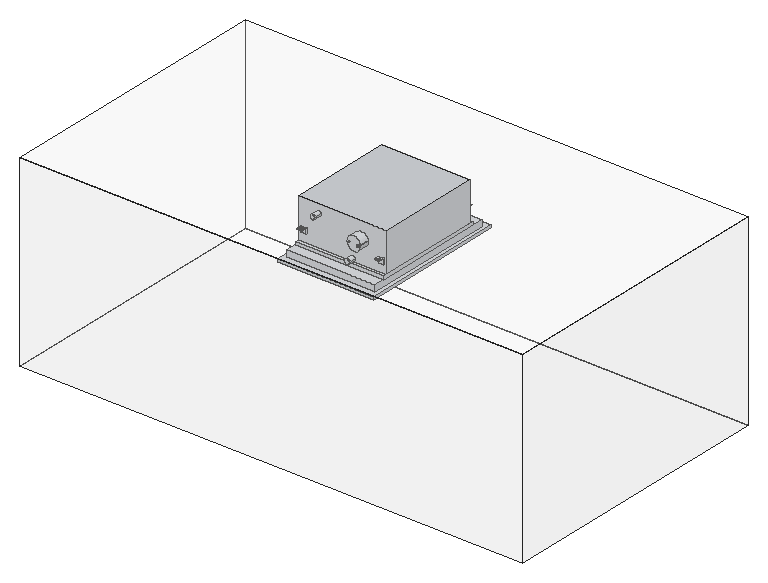
Revit family "plfy-p22_140lmg9_60Hz", category 機械設備, Revit 2019
Family settings
  丸型コネクタ寸法 = 直径を使用
  パーツ タイプ = 標準
  OmniClass 番号 = 23.75.10.24.21.27.27
  OmniClass タイトル = Split System Air Conditioning Units
  作業面ベース = いいえ
  常に垂直 = はい
  ロード時にボイドで切り取り = いいえ
  共有 = いいえ
  部屋計算ポイント = はい
Parameters (values of type "PLFY-P22LMG9")
  風量（弱）（m3／min） = 6.5
  風量（中2）（m3／min） = 7.5
  風量（中1）（m3／min） = 8.5
  風量（m3／min） = 9.5
  風量 = MAX風量  # 570.0 m³/h
  音響パワーレベル（弱）(dB) = 49
  音響パワーレベル（中2）(dB) = 51
  音響パワーレベル（中1）(dB) = 52
  音響パワーレベル(dB) = 53
  電源種別 = ""
  電源_H = 0 mm
  電圧_電気ヒーター = 0 V
  電圧 = 200 V
  電動機出力_送風機 = 0.05 kW
  運転質量 = 0.00 kg
  連動 = ""
  質量 = if(製品質量 > 運転質量, 製品質量, 運転質量) * 1.2  # 24.00 kg
  負荷分類 = 3_ファン類
  説明 = "ビル用マルチエアコン 天井カセット形(2方向吹出)室内機"
  設計暖房能力 = 0.00 kW
  設計冷房能力_顕熱 = 0 kW
  設計冷房能力 = 0 kW
  設置方法 = "カセット形"
  記号 = ""
  製造元 = "三菱電機株式会社"
  製品質量 = 20.00 kg
  製品出荷対象 = "国内"
  製品リリース年月 = "2022年9月15日"
  製品グループ = ""
  系統 = ""
  符号 = "ACP_CK2"
  積算_科目 = "1 空気調和設備"
  積算_拾い区分 [instance] = ""
  相_電気ヒーター = 1
  相 = 1
  盤記号 = ""
  発停方法 = "付属スイッチ"
  特殊仕様 = ""
  火災停止 = ""
  消費電力_電気ヒーター = 0.00 kW
  消費電力_暖房 = 0.03 kW
  消費電力_加湿器 = 0.00 kW
  消費電力_冷房 = 0.03 kW
  消費電力 = if(消費電力_冷房 > 消費電力_暖房, 消費電力_冷房, 消費電力_暖房) + 消費電力_加湿器 + 消費電力_電気ヒーター  # 0.03 kW
  法定耐用年数 = "15"
  機外静圧 = 0.0 Pa
  極数 = 3
  材質 = ""
  本体マテリアル = none
  有効加湿量 = 0
  暖房能力 = 2.50 kW
  推奨ブレーカー容量 = 15 A
  形式_加湿器 = ""
  形式 = "カセット形（2方向吹出形）"
  幹線記号 = ""
  始動方式 = ""
  呼称 = "室内機_カセット形(2方向吹出形)"
  周波数 = 60 Hz
  吊り位置Y = 824 mm
  吊り位置X = 574 mm
  吊りボルト_H = 167 mm
  台数_手元リモコン = ""
  台数_冷媒分岐ユニット = ""
  参照している仕様書等のバージョン = "公共建築工事標準仕様書（機械設備工事編）平成31年度版"
  加湿給水管径 = 0 mm
  分類コード = "50053003221020"
  分類グループ = ""
  冷房能力 = 2.2 kW
  冷媒高低圧ガス管径 = 0 mm
  冷媒管径符号 = "Ac"
  冷媒管径 = 100 mm
  冷媒液管高さ = 235 mm
  冷媒液管長さ = 67 mm
  冷媒液管径 = 6.35 mm
  冷媒ガス管高さ = 235 mm
  冷媒ガス管長さ = 78 mm
  冷媒ガス管径 = 12.7 mm
  企業コード = "108420"
  付属品_フィルター = ""
  付属品 = ""
  仕様書バージョン = "Version1.0"
  モデル = "PLFY-P22LMG9"
  パネルマテリアル = none
  ドレン管高さ = 297 mm
  ドレン管径 = 32 mm
  サービススペース = yes
  コメント [instance] = ""
  ケーブル種類 = ""
  ケーブルサイズ = 1.6 mm
  Width = 650 mm
  Version = ""
  Uniclass2015Version = "Systems v1.9"
  Uniclass2015Title = "Split coil remote air cooled condensing units"
  Uniclass2015Code = "Pr_70_65_03_84"
  URL = "https://www.mitsubishielectric.co.jp/ldg/wink/ssl/displayProduct.do?pid=317077"
  SpecificationReference = ""
  SpecificationDescription = ""
  S_H = 364 mm
  Revision = ""
  ProductInformation = ""
  OmniClassCode = "23-751024212727"
  MIN風量 = 風量（弱）（m3／min） * 60.0 m³/h  # 390.0 m³/h
  MID風量2 = 風量（中2）（m3／min） * 60.0 m³/h  # 450.0 m³/h
  MID風量 = 風量（中1）（m3／min） * 60.0 m³/h  # 510.0 m³/h
  MAX風量 = 風量（m3／min） * 60.0 m³/h  # 570.0 m³/h
  IfcTypeProduct = ""
  IfcProduct = ""
  IfcExportType = "AIRCONDITIONINGUNIT"
  IfcExportAs = "IfcUnitaryEquipmentType"
  Height = 290 mm
  Depth = 770 mm
  Clearance Top = 357 mm
  Clearance Right = 1500 mm
  Clearance Left = 1500 mm
  Clearance Front = 500 mm
  Clearance Bottom = 1000 mm
  Clearance Back = 500 mm
  Author = "三菱電機株式会社"
Types (10, lengths in mm): name | 風量（弱）（m3／min） | 風量（中2）（m3／min） | 風量（中1）（m3／min） | 風量（m3／min） | 風量 | 音響パワーレベル（弱）(dB) | 音響パワーレベル（中2）(dB) | 音響パワーレベル（中1）(dB) | 音響パワーレベル(dB) | 電動機出力_送風機 | 質量 | 製品質量 | 消費電力_暖房 | 消費電力_冷房 | 消費電力 | 暖房能力 | 吊り位置Y | 冷房能力 | 冷媒管径符号 | 冷媒液管長さ | 冷媒液管径 | 冷媒ガス管長さ | 冷媒ガス管径 | モデル | URL | S_H | MIN風量 | MID風量2 | MID風量 | MAX風量 | Height | Depth | Clearance Top
  PLFY-P22LMG9 | 6.5 | 7.5 | 8.5 | 9.5 | 570.0 m³/h | 49 | 51 | 52 | 53 | 0.05 kW | 24.00 kg | 20.00 kg | 0.03 kW | 0.03 kW | 0.03 kW | 2.50 kW | 824 | 2.2 kW | "Ac" | 67 | 6.35 | 78 | 12.7 | "PLFY-P22LMG9" | "https://www.mitsubishielectric.co.jp/ldg/wink/ssl/displayProduct.do?pid=317077" | 364 | 390.0 m³/h | 450.0 m³/h | 510.0 m³/h | 570.0 m³/h | 290 | 770 | 357
  PLFY-P28LMG9 | 6.5 | 7.5 | 8.5 | 9.5 | 570.0 m³/h | 49 | 51 | 52 | 53 | 0.05 kW | 24.00 kg | 20.00 kg | 0.03 kW | 0.03 kW | 0.03 kW | 3.20 kW | 824 | 2.8 kW | "Ac" | 67 | 6.4 | 78 | 12.7 | "PLFY-P28LMG9" | "https://www.mitsubishielectric.co.jp/ldg/wink/ssl/displayProduct.do?pid=317078" | 364 | 390.0 m³/h | 450.0 m³/h | 510.0 m³/h | 570.0 m³/h | 290 | 770 | 357
  PLFY-P36LMG9 | 6.5 | 8 | 9 | 10 | 600.0 m³/h | 50 | 51 | 52 | 53 | 0.05 kW | 25.20 kg | 21.00 kg | 0.03 kW | 0.03 kW | 0.03 kW | 4.00 kW | 824 | 3.6 kW | "Ac" | 67 | 6.4 | 78 | 12.7 | "PLFY-P36LMG9" | "https://www.mitsubishielectric.co.jp/ldg/wink/ssl/displayProduct.do?pid=317079" | 364 | 390.0 m³/h | 480.0 m³/h | 540.0 m³/h | 600.0 m³/h | 290 | 770 | 357
  PLFY-P45LMG9 | 7 | 8.5 | 9.5 | 10.5 | 630.0 m³/h | 51 | 54 | 55 | 56 | 0.05 kW | 25.20 kg | 21.00 kg | 0.04 kW | 0.04 kW | 0.04 kW | 5.00 kW | 824 | 4.5 kW | "Ac" | 67 | 6.4 | 78 | 12.7 | "PLFY-P45LMG9" | "https://www.mitsubishielectric.co.jp/ldg/wink/ssl/displayProduct.do?pid=317080" | 364 | 420.0 m³/h | 510.0 m³/h | 570.0 m³/h | 630.0 m³/h | 290 | 770 | 357
  PLFY-P56LMG9 | 9 | 11 | 12 | 13 | 780.0 m³/h | 53 | 55 | 56 | 57 | 0.05 kW | 28.80 kg | 24.00 kg | 0.05 kW | 0.05 kW | 0.05 kW | 6.30 kW | 994 | 5.6 kW | "Ac" | 67 | 6.4 | 78 | 12.7 | "PLFY-P56LMG9" | "https://www.mitsubishielectric.co.jp/ldg/wink/ssl/displayProduct.do?pid=317081" | 364 | 540.0 m³/h | 660.0 m³/h | 720.0 m³/h | 780.0 m³/h | 290 | 940 | 357
  PLFY-P71LMG9 | 10.5 | 12.5 | 15 | 16.5 | 990.0 m³/h | 55 | 58 | 59 | 60 | 0.05 kW | 31.20 kg | 26.00 kg | 0.07 kW | 0.07 kW | 0.07 kW | 8.00 kW | 994 | 7.1 kW | "Bd" | 67 | 9.5 | 78 | 15.9 | "PLFY-P71LMG9" | "https://www.mitsubishielectric.co.jp/ldg/wink/ssl/displayProduct.do?pid=317082" | 364 | 630.0 m³/h | 750.0 m³/h | 900.0 m³/h | 990.0 m³/h | 290 | 940 | 357
  PLFY-P80LMG9 | 13.5 | 15 | 16.5 | 19 | 1140.0 m³/h | 56 | 58 | 59 | 60 | 0.10 kW | 49.20 kg | 41.00 kg | 0.06 kW | 0.06 kW | 0.06 kW | 9.00 kW | 1494 | 8 kW | "Bd" | 71 | 9.5 | 83 | 15.9 | "PLFY-P80LMG9" | "https://www.mitsubishielectric.co.jp/ldg/wink/ssl/displayProduct.do?pid=317083" | 405 | 810.0 m³/h | 900.0 m³/h | 990.0 m³/h | 1140.0 m³/h | 331 | 1440 | 398
  PLFY-P90LMG9 | 15.5 | 18 | 20 | 22.5 | 1350.0 m³/h | 57 | 59 | 60 | 61 | 0.10 kW | 49.20 kg | 41.00 kg | 0.08 kW | 0.08 kW | 0.08 kW | 10.00 kW | 1494 | 9 kW | "Bd" | 71 | 9.5 | 83 | 15.9 | "PLFY-P90LMG9" | "https://www.mitsubishielectric.co.jp/ldg/wink/ssl/displayProduct.do?pid=317084" | 405 | 930.0 m³/h | 1080.0 m³/h | 1200.0 m³/h | 1350.0 m³/h | 331 | 1440 | 398
  PLFY-P112LMG9 | 18 | 20 | 23.5 | 26 | 1560.0 m³/h | 59 | 61 | 62 | 63 | 0.10 kW | 54.00 kg | 45.00 kg | 0.10 kW | 0.10 kW | 0.10 kW | 12.50 kW | 1494 | 11.2 kW | "Bd" | 71 | 9.5 | 83 | 15.9 | "PLFY-P112LMG9" | "https://www.mitsubishielectric.co.jp/ldg/wink/ssl/displayProduct.do?pid=317085" | 405 | 1080.0 m³/h | 1200.0 m³/h | 1410.0 m³/h | 1560.0 m³/h | 331 | 1440 | 398
  PLFY-P140LMG9 | 23 | 26.5 | 28.5 | 31.5 | 1890.0 m³/h | 63 | 64 | 67 | 69 | 0.24 kW | 56.40 kg | 47.00 kg | 0.20 kW | 0.20 kW | 0.20 kW | 16.00 kW | 1494 | 14 kW | "Bd" | 71 | 9.5 | 83 | 15.9 | "PLFY-P140LMG9" | "https://www.mitsubishielectric.co.jp/ldg/wink/ssl/displayProduct.do?pid=317090" | 405 | 1380.0 m³/h | 1590.0 m³/h | 1710.0 m³/h | 1890.0 m³/h | 331 | 1440 | 398
Reference planes
  plane 1 "中心(正面/背面)": y = 0
  plane 2: z = 0
  plane 3 "中心(左/右)": x = 0
  plane 4: x = -355
  plane 5: x = 355
  plane 6: y = 540
  plane 7: y = -540
  plane 8: z = 357
  plane 9: z = 364
  plane 10: x = -287
  plane 11: x = 287
  plane 12: y = 412
  plane 13: y = -412
  plane 14: z = 67
  plane 15: y = 385
  plane 16: y = -385
  plane 17: x = -325
  plane 18: x = 325
  plane 19: x = -1855
  plane 20: x = 1855
  plane 21: y = 1040
  plane 22: y = -1040
  plane 23: z = 357
  plane 24: z = -20
  plane 25: z = -1020
Dimensions and locks
  equal spacing: plane 4, plane 3 "中心(左/右)", plane 5
  plane 4 to plane 5 = 710 mm
  equal spacing: plane 7, plane 1 "中心(正面/背面)", plane 6
  plane 7 to plane 6 = 1080 mm
  locked: plane 12 to plane 6 at 128
  plane 7 to plane 13 = 128 mm
  plane 4 to plane 10 = 68 mm
  plane 11 to plane 5 = 68 mm
  "S_H": plane 9 to level
  "吊り位置X": plane 10 to plane 11
  equal spacing: plane 10, plane 3 "中心(左/右)", plane 11
  equal spacing: plane 13, plane 1 "中心(正面/背面)", plane 12
  "吊り位置Y": plane 13 to plane 12
  equal spacing: plane 16, plane 1 "中心(正面/背面)", plane 15
  "Depth": plane 16 to plane 15
  equal spacing: plane 17, plane 3 "中心(左/右)", plane 18
  "Width": plane 17 to plane 18
  locked: plane 14 to level at 67
  "Height": plane 8 to plane 14
  "Clearance Left": plane 19 to plane 4
  "Clearance Right": plane 5 to plane 20
  "Clearance Back": plane 6 to plane 21
  "Clearance Front": plane 22 to plane 7
  locked: level to plane 24 at 20
  "Clearance Bottom": plane 24 to plane 25
  "Clearance Top": plane 23 to level
  aligned and locked: level to plane 2
  aligned and locked: plane 10 to nested 2
  aligned and locked: plane 11 to nested 2
  aligned and locked: nested 2 to plane 12
  aligned and locked: plane 13 to nested 2
  aligned and locked: plane 1 "中心(正面/背面)" to nested 3
  aligned and locked: nested 3 to plane 3 "中心(左/右)"
  aligned and locked: plane 19 to nested 1
  aligned and locked: plane 20 to nested 1
  aligned and locked: nested 1 to plane 22
  aligned and locked: nested 1 to plane 21
  aligned and locked: plane 23 to nested 1
  aligned and locked: plane 25 to nested 1
Nested families
  nested 1: "サービススペース" at (0, 0, -331.5), visible <- "サービススペース", type "サービススペース"
    with Width 3710 mm, Height 1377 mm, Depth 2080 mm
  nested 2: "固定点" at (-287, -412, 0), type "固定点"
    with W 574 mm, D 824 mm
  nested 3: "PLFY-P○○○LMG7" at (0, 0, 0) x (0, -1, 0) z (0, 0, 1), type "PLFY-P○○○LMG7"
    with ユニット表示 yes, ドレン配管サイズ 32 mm
Connectors
  piping at (138, -452, 235), diameter 100, driven by "冷媒管径", driven by "冷媒管径符号"
    settings: on nested 3, index 1, connector inside diameter 609.6 mm, connector length 0 mm, flow factor 0, pipe flow 0.0 L/s, pressure drop 0.0 Pa, fitting loss kfactor 0, connector angle 0.00°, fixture units 0, engagement length 0 mm, angle of deflection 0.00°, flow configuration 0, flow direction 1, fitting loss method 4, system type 7, joint type 0, gender type 0, connector reference index -1, connector utility 0, adjustable connector no, is connector primary yes, connector description "Ac"
  piping at (-175, -442, 297), diameter 32, driven by "ドレン管径"
    settings: on nested 3, index 2, connector inside diameter 609.6 mm, connector length 0 mm, flow factor 0, pipe flow 0.0 L/s, pressure drop 0.0 Pa, fitting loss kfactor 0, connector angle 0.00°, fixture units 0, engagement length 0 mm, angle of deflection 0.00°, flow configuration 0, flow direction 2, fitting loss method 4, system type 16, joint type 0, gender type 0, connector reference index -1, connector utility 0, adjustable connector no, is connector primary no, connector description ""
  electrical at (75, -435, 85), driven by "極数", driven by "負荷分類", driven by "電圧", driven by "消費電力"
    settings: on nested 3, index 3, voltage 200 V, apparent load 30 VA, apparent load phase1 0 VA, apparent load phase2 0 VA, apparent load phase3 0 VA, power factor 1, load classification "3_ファン類", number of poles 3, system type 30, power factor state 1, is connector primary yes, connector utility no, sub classification motor no, connector description ""
Definition of nested family "サービススペース"
  Parameters (values of type "サービススペース")
    Width [instance] = 500 mm
    Height [instance] = 500 mm
    Depth [instance] = 500 mm
  Reference planes
    plane 1 "中心(正面/背面)": y = 0
    plane 2: z = 0
    plane 3 "中心(左/右)": x = 0
    plane 4: y = -250
    plane 5: x = 250
    plane 6: y = 250
    plane 7: x = -250
    plane 8: z = 250
    plane 9: z = -250
  Forms (mm)
    Extrusion 1, solid
      sketch origin (-638.939, 0, 72.39) x (1, 0, 0) y (0, 1, 0)
        loop
          line (388.939, 250) -> (388.939, -250) -> (888.939, -250) -> (888.939, 250) -> (388.939, 250)
      from -322.39 to 177.61
  Lines and regions (mm)
    symbolic lines
      curve 1: line (-250, 0, 250) -> (250, 0, 250)
      curve 2: line (-250, 0, -250) -> (-250, 0, 250)
      curve 3: line (250, 0, -250) -> (-250, 0, -250)
      curve 4: line (250, 0, 250) -> (250, 0, -250)
      curve 5: line (0, -250, 250) -> (0, 250, 250)
      curve 6: line (0, -250, -250) -> (0, -250, 250)
      curve 7: line (0, 250, -250) -> (0, -250, -250)
      curve 8: line (0, 250, 250) -> (0, 250, -250)
      curve 9: line (-250, 250, 0) -> (250, 250, 0)
      curve 10: line (-250, -250, 0) -> (-250, 250, 0)
      curve 11: line (250, -250, 0) -> (-250, -250, 0)
      curve 12: line (250, 250, 0) -> (250, -250, 0)
  Dimensions and locks
    equal spacing: plane 7, plane 3 "中心(左/右)", plane 5
    equal spacing: plane 4, plane 1 "中心(正面/背面)", plane 6
    "Depth": plane 4 to plane 6
    "Width": plane 7 to plane 5
    equal spacing: plane 8, plane 2, plane 9
    "Height": plane 8 to plane 9
    aligned and locked: plane 9 to curve 3
    aligned and locked: plane 7 to curve 2
    aligned and locked: curve 4 to plane 5
    aligned and locked: plane 5 to Extrusion 1
    aligned and locked: Extrusion 1 to plane 7
    aligned and locked: Extrusion 1 to plane 9
    aligned and locked: plane 8 to Extrusion 1
    aligned and locked: plane 9 to curve 7
  Automatic sketch dimensions
    plane 4 to Extrusion 1 sketch curve = 0 mm
    Extrusion 1 sketch curve to plane 7 = 0 mm
    Extrusion 1 sketch curve to plane 5 = 0 mm
    plane 6 to Extrusion 1 sketch curve = 0 mm
    curve 2 to plane 8 = 0 mm
    plane 4 to curve 11 = 0 mm
    curve 11 to plane 7 = 0 mm
    curve 11 to plane 5 = 0 mm
    plane 6 to curve 10 = 0 mm
    curve 7 to plane 4 = 0 mm
    curve 7 to plane 6 = 0 mm
    curve 6 to plane 8 = 0 mm
Definition of nested family "PLFY-P○○○LMG7"
  Parameters (values of type "PLFY-P○○○LMG7")
    配線取出口サイズ = 36 mm
    配線取出口-Z = 85 mm
    配線取出口-Y = 250 mm
    配線取出口-X = 50 mm
    液配管サイズ = 6.35 mm
    A = 幅さ + 310 mm  # 1080 mm
    高さ = 290 mm
    奥行き = 650 mm
    吊りボルト_H = 167 mm
    冷媒配管 = 100 mm
    冷媒液管径-Z = 235 mm
    冷媒液管径-Y = 222 mm
    冷媒液管径-X = 67 mm
    冷媒ガス管径-Z = 235 mm
    冷媒ガス管径-Y = 152 mm
    冷媒ガス管径-X = 78 mm
    ユニット表示 [instance] = yes
    ボルトピッチ = 574 mm
    ドレン配管サイズ = 25 mm
    ドレン管径-Z = 297 mm
    ドレン管径-Y = 500 mm
    ドレン管径-X = 57 mm
    ガス配管サイズ = 12.7 mm
    D = 幅さ + 54 mm  # 824 mm
    幅さ = 770 mm
    B = 幅さ + 270 mm  # 1040 mm
  Reference planes
    plane 1 "中心(正面/背面)": y = 0
    plane 2: z = 0
    plane 3 "中心(左/右)": x = 0
    plane 4: x = -540
    plane 5: x = 540
    plane 6: y = 355
    plane 7: y = -355
    plane 8: z = 357
    plane 9: z = -20
    plane 10: x = -385
    plane 11: x = 385
    plane 12: y = 325
    plane 13: y = -325
    plane 14: z = 45
    plane 15: x = -520
    plane 16: x = 520
    plane 17: x = 412
    plane 18: x = -412
    plane 19: z = 67
    plane 20: x = 490
    plane 21: x = -490
    plane 22: y = 287
    plane 23: y = -287
    plane 24: x = 463
    plane 25: y = 173
    plane 26: z = 235
    plane 27: x = 452
    plane 28: y = 103
    plane 29: x = 442
    plane 30: y = -175
    plane 31: z = 297
    plane 32: z = 364
    plane 33: y = 50
    plane 34: x = 435
    plane 35: y = 75
    plane 36: z = 85
    plane 37: z = 167
    plane 38: z = 165
    plane 39: z = 125
    plane 40: y = 307
    plane 41: y = 267
    plane 42: y = -267
    plane 43: y = -307
    plane 44: y = 292
    plane 45: y = 282
    plane 46: y = -282
    plane 47: y = -292
    plane 48: x = -425
    plane 49: x = 425
    plane 50: x = -387
    plane 51: x = 387
  Forms (mm)
    Extrusion 1, solid, visible <- "ユニット表示", detail levels fine
      sketch origin (0, 0, 0) x (1, 0, 0) y (0, 1, 0)
        loop
          line (-385, 325) -> (-385, -325) -> (385, -325) -> (385, 325) -> (-385, 325)
      from 67 to 357
    Extrusion 2, solid, visible <- "ユニット表示", detail levels fine
      sketch origin (-1437.329, -1524, 45) x (-1, 0, 0) y (0, -1, 0)
        loop
          line (-1025.329, -1849) -> (-1025.329, -1199) -> (-1849.329, -1199) -> (-1849.329, -1849) -> (-1025.329, -1849)
      from 0 to 22
    Extrusion 3, solid, visible <- "ユニット表示", detail levels fine
      sketch origin (-1437.329, -1524, 45) x (-1, 0, 0) y (0, -1, 0)
        loop
          line (-947.329, -1849) -> (-947.329, -1199) -> (-1927.329, -1199) -> (-1927.329, -1849) -> (-947.329, -1849)
      from 0 to -45
    Extrusion 4, solid, visible <- "ユニット表示", detail levels fine
      sketch origin (385, 1296.25, 1200) x (0, 1, 0) y (0, 0, 1)
        loop
          circle (-1123.25, -965) r 6.35
      from 0 to 78
    Extrusion 5, solid, visible <- "ユニット表示", detail levels fine
      sketch origin (385, 1296.25, 1200) x (0, 1, 0) y (0, 0, 1)
        loop
          circle (-1193.25, -965) r 3.175
      from 0 to 67
    Extrusion 6, solid, visible <- "ユニット表示", detail levels fine
      sketch origin (385, 1296.25, 1200) x (0, 1, 0) y (0, 0, 1)
        loop
          circle (-1471.25, -903) r 12.5
      from 0 to 57
    Extrusion 7, solid, visible <- "ユニット表示", detail levels fine
      sketch origin (385, 1296.25, 1200) x (0, 1, 0) y (0, 0, 1)
        loop
          circle (-1221.25, -1115) r 18
      from 0 to 50
    Extrusion 8, solid, visible <- "ユニット表示", detail levels fine
      sketch origin (385, 1296.25, 1200) x (0, 1, 0) y (0, 0, 1)
        loop
          circle (-1158.25, -965) r 50
      from 0 to 67
    Extrusion 9, solid, visible <- "ユニット表示"
      sketch origin (0, 0, 0) x (1, 0, 0) y (0, 1, 0)
        loop
          line (-540, 355) -> (-540, -355) -> (540, -355) -> (540, 355) -> (-540, 355)
      from 0 to -20
    Extrusion 10, solid, visible <- "ユニット表示", detail levels fine
      sketch origin (0, 0, 0) x (1, 0, 0) y (0, 1, 0)
        loop
          line (-407, 292) -> (-407, 282)
          arc (-407, 282) -> (-412, 277) -> (-417, 282) r 5
          line (-417, 282) -> (-425, 282) -> (-425, 267) -> (-385, 267) -> (-385, 307) -> (-425, 307) -> (-425, 292) -> (-417, 292)
          arc (-417, 292) -> (-412, 297) -> (-407, 292) r 5
        loop
          arc (407, 292) -> (412, 297) -> (417, 292) r 5
          line (417, 292) -> (425, 292) -> (425, 307) -> (385, 307) -> (385, 267) -> (425, 267) -> (425, 282) -> (417, 282)
          arc (417, 282) -> (412, 277) -> (407, 282) r 5
          line (407, 282) -> (407, 292)
        loop
          line (407, -292) -> (407, -282)
          arc (407, -282) -> (412, -277) -> (417, -282) r 5
          line (417, -282) -> (425, -282) -> (425, -267) -> (385, -267) -> (385, -307) -> (425, -307) -> (425, -292) -> (417, -292)
          arc (417, -292) -> (412, -297) -> (407, -292) r 5
        loop
          arc (-407, -292) -> (-412, -297) -> (-417, -292) r 5
          line (-417, -292) -> (-425, -292) -> (-425, -307) -> (-385, -307) -> (-385, -267) -> (-425, -267) -> (-425, -282) -> (-417, -282)
          arc (-417, -282) -> (-412, -277) -> (-407, -282) r 5
          line (-407, -282) -> (-407, -292)
      from 165 to 167
    Extrusion 11, solid, visible <- "ユニット表示", detail levels fine
      sketch origin (0, 0, 0) x (1, 0, 0) y (0, 1, 0)
        loop
          line (-387, 307) -> (-387, 267) -> (-385, 267) -> (-385, 307) -> (-387, 307)
        loop
          line (385, 307) -> (385, 267) -> (387, 267) -> (387, 307) -> (385, 307)
        loop
          line (385, -267) -> (385, -307) -> (387, -307) -> (387, -267) -> (385, -267)
        loop
          line (-387, -267) -> (-387, -307) -> (-385, -307) -> (-385, -267) -> (-387, -267)
      from 125 to 165
  Dimensions and locks
    equal spacing: plane 7, plane 1 "中心(正面/背面)", plane 6
    plane 7 to plane 6 = 710 mm
    equal spacing: plane 4, plane 3 "中心(左/右)", plane 5
    "A": plane 4 to plane 5
    locked: level to plane 9 at 20
    equal spacing: plane 13, plane 1 "中心(正面/背面)", plane 12
    "奥行き": plane 13 to plane 12
    equal spacing: plane 10, plane 3 "中心(左/右)", plane 11
    "幅さ": plane 10 to plane 11
    locked: plane 14 to level at 45
    equal spacing: plane 15, plane 3 "中心(左/右)", plane 16
    "B": plane 15 to plane 16
    equal spacing: plane 18, plane 3 "中心(左/右)", plane 17
    "D": plane 18 to plane 17
    locked: plane 19 to plane 14 at 22
    locked: plane 15 to plane 21 at 30
    locked: plane 20 to plane 16 at 30
    equal spacing: plane 23, plane 1 "中心(正面/背面)", plane 22
    "ボルトピッチ": plane 23 to plane 22
    "冷媒ガス管径-X": plane 11 to plane 24
    "冷媒ガス管径-Y": plane 25 to plane 12
    "冷媒液管径-X": plane 11 to plane 27
    "冷媒液管径-Y": plane 28 to plane 12
    "ドレン管径-X": plane 11 to plane 29
    "ドレン管径-Y": plane 30 to plane 12
    plane 32 to plane 8 = 7 mm
    "配線取出口-X": plane 11 to plane 34
    "配線取出口-Y": plane 35 to plane 12
    "配線取出口-Z": plane 36 to level
    "ドレン管径-Z": plane 31 to level
    "冷媒ガス管径-Z": plane 26 to level
    locked: plane 38 to plane 39 at 40
    locked: plane 37 to plane 38 at 2
    "吊りボルト_H": plane 37 to level
    plane 43 to plane 23 to plane 42 = 20 mm locked, 20 mm locked
    plane 41 to plane 22 to plane 40 = 20 mm locked, 20 mm locked
    plane 47 to plane 23 to plane 46 = 5 mm locked, 5 mm locked
    plane 45 to plane 22 to plane 44 = 5 mm locked, 5 mm locked
    locked: plane 48 to plane 10 at 40
    locked: plane 11 to plane 49 at 40
    locked: plane 11 to plane 51 at 2
    locked: plane 50 to plane 10 at 2
    "高さ": plane 8 to plane 19
    "ガス配管サイズ": diameter of Extrusion 4 sketch curve
    "液配管サイズ": diameter of Extrusion 5 sketch curve
    "ドレン配管サイズ": diameter of Extrusion 6 sketch curve
    "配線取出口サイズ": diameter of Extrusion 7 sketch curve
    "冷媒配管": diameter of Extrusion 8 sketch curve
    aligned and locked: level to plane 2
    aligned and locked: plane 12 to Extrusion 1 sketch curve
    aligned and locked: plane 10 to Extrusion 1 sketch curve
    aligned and locked: Extrusion 1 sketch curve to plane 13
    aligned and locked: Extrusion 1 sketch curve to plane 11
    aligned and locked: plane 8 to Extrusion 1
    aligned and locked: plane 12 to Extrusion 2 sketch curve
    aligned and locked: plane 18 to Extrusion 2 sketch curve
    aligned and locked: Extrusion 2 sketch curve to plane 13
    aligned and locked: Extrusion 2 sketch curve to plane 17
    aligned and locked: plane 19 to Extrusion 2
    aligned and locked: Extrusion 1 to Extrusion 2
    aligned and locked: plane 12 to Extrusion 3 sketch curve
    aligned and locked: plane 21 to Extrusion 3 sketch curve
    aligned and locked: Extrusion 3 sketch curve to plane 13
    aligned and locked: Extrusion 3 sketch curve to plane 20
    aligned and locked: Extrusion 3 to level
    aligned and locked: plane 14 to Extrusion 3
    aligned and locked: plane 26 to Extrusion 4 sketch curve
    aligned and locked: plane 25 to Extrusion 4 sketch curve
    aligned and locked: Extrusion 4 to plane 11
    aligned and locked: plane 24 to Extrusion 4
    aligned and locked: plane 26 to Extrusion 5 sketch curve
    aligned and locked: plane 28 to Extrusion 5 sketch curve
    aligned and locked: plane 27 to Extrusion 5
    aligned and locked: Extrusion 5 to plane 11
    aligned and locked: plane 31 to Extrusion 6 sketch curve
    aligned and locked: plane 30 to Extrusion 6 sketch curve
    aligned and locked: Extrusion 6 to plane 11
    aligned and locked: plane 29 to Extrusion 6
    aligned and locked: plane 36 to Extrusion 7 sketch curve
    aligned and locked: plane 35 to Extrusion 7 sketch curve
    aligned and locked: Extrusion 7 to plane 11
    aligned and locked: plane 34 to Extrusion 7
    aligned and locked: plane 26 to Extrusion 8 sketch curve
    aligned and locked: Extrusion 8 to plane 11
    aligned and locked: plane 27 to Extrusion 8
    aligned and locked: level to Extrusion 9
    aligned and locked: Extrusion 9 to plane 9
    aligned and locked: Extrusion 10 sketch curve to plane 10
    aligned and locked: plane 37 to Extrusion 10
    aligned and locked: Extrusion 10 to plane 38
    aligned and locked: plane 40 to Extrusion 10 sketch curve
    aligned and locked: plane 48 to Extrusion 10 sketch curve  (x2)
    aligned and locked: Extrusion 10 sketch curve to plane 41
    aligned and locked: Extrusion 10 sketch curve to plane 45
    aligned and locked: Extrusion 10 sketch curve to plane 44
    aligned and locked: plane 44 to Extrusion 10 sketch curve  (x3)
    aligned and locked: plane 45 to Extrusion 10 sketch curve  (x3)
    aligned and locked: plane 18 to Extrusion 10 sketch curve  (x4)
    aligned and locked: plane 10 to Extrusion 10 sketch curve
    aligned and locked: Extrusion 10 sketch curve to plane 42
    aligned and locked: plane 43 to Extrusion 10 sketch curve
    aligned and locked: plane 47 to Extrusion 10 sketch curve  (x3)
    aligned and locked: plane 46 to Extrusion 10 sketch curve  (x3)
    aligned and locked: Extrusion 10 sketch curve to plane 46
    aligned and locked: Extrusion 10 sketch curve to plane 47
    aligned and locked: Extrusion 10 sketch curve to plane 48  (x2)
    aligned and locked: plane 11 to Extrusion 10 sketch curve
    aligned and locked: Extrusion 10 sketch curve to plane 49  (x2)
    aligned and locked: plane 17 to Extrusion 10 sketch curve  (x4)
    aligned and locked: Extrusion 10 sketch curve to plane 43
    aligned and locked: plane 42 to Extrusion 10 sketch curve
    aligned and locked: plane 49 to Extrusion 10 sketch curve  (x2)
    aligned and locked: plane 41 to Extrusion 10 sketch curve
    aligned and locked: Extrusion 10 sketch curve to plane 11
    aligned and locked: Extrusion 10 sketch curve to plane 40
    aligned and locked: plane 40 to Extrusion 11 sketch curve
    aligned and locked: plane 50 to Extrusion 11 sketch curve  (x2)
    aligned and locked: Extrusion 11 sketch curve to Extrusion 10  (x8)
    aligned and locked: Extrusion 11 sketch curve to plane 41
    aligned and locked: Extrusion 11 sketch curve to plane 51  (x2)
    aligned and locked: Extrusion 11 sketch curve to plane 43
    aligned and locked: plane 42 to Extrusion 11 sketch curve
    aligned and locked: Extrusion 11 to Extrusion 10
    aligned and locked: Extrusion 11 to plane 39
  Automatic sketch dimensions
    Extrusion 9 sketch curve to plane 4 = 0 mm
    Extrusion 9 sketch curve to plane 5 = 0 mm
    plane 7 to Extrusion 9 sketch curve = 0 mm
    plane 6 to Extrusion 9 sketch curve = 0 mm
    Extrusion 10 sketch curve to plane 18 = 5 mm  (x2)
    Extrusion 10 sketch curve to plane 17 = 5 mm  (x2)
    plane 25 to Extrusion 8 sketch curve = 35 mm
Definition of nested family "固定点"
  Parameters (values of type "固定点")
    中心円 = 20 mm
    W [instance] = 1000 mm
    D [instance] = 1000 mm
  Reference planes
    plane 1 "中心(正面/背面)": y = 0
    plane 2: z = 0
    plane 3 "中心(左/右)": x = 0
    plane 4: x = 1000
    plane 5: y = 1000
  Lines and regions (mm)
    symbolic lines, detail levels fine
      curve 1: circle (0, 1000, 0) r 10 normal (0, 0, 1)
      curve 2: circle (0, 0, 0) r 10 normal (0, 0, 1)
      curve 3: circle (1000, 1000, 0) r 10 normal (0, 0, 1)
      curve 4: circle (1000, 0, 0) r 10 normal (0, 0, 1)
      curve 5: line (-200, 1000, 0) -> (1200, 1000, 0)
      curve 6: line (-200, 0, 0) -> (1200, 0, 0)
      curve 7: line (0, 1200, 0) -> (0, -200, 0)
      curve 8: line (1000, 1200, 0) -> (1000, -200, 0)
  Dimensions and locks
    "W": plane 3 "中心(左/右)" to plane 4
    "D": plane 1 "中心(正面/背面)" to plane 5
    "中心円": diameter of curve 1
    "中心円": diameter of curve 2
    "中心円": diameter of curve 3
    "中心円": diameter of curve 4
    aligned and locked: level to plane 2
    aligned and locked: plane 5 to curve 1
    aligned and locked: plane 3 "中心(左/右)" to curve 1
    aligned and locked: plane 3 "中心(左/右)" to curve 2
    aligned and locked: plane 1 "中心(正面/背面)" to curve 2
    aligned and locked: plane 4 to curve 3
    aligned and locked: plane 5 to curve 3
    aligned and locked: plane 1 "中心(正面/背面)" to curve 4
    aligned and locked: plane 4 to curve 4
    aligned and locked: plane 1 "中心(正面/背面)" to curve 6
    aligned and locked: curve 7 to plane 3 "中心(左/右)"
    aligned and locked: curve 8 to plane 4
  Automatic sketch dimensions
    curve 5 to plane 5 = 0 mm
    curve 6 to plane 3 "中心(左/右)" = 200 mm
    curve 5 to plane 3 "中心(左/右)" = 200 mm
    curve 4 to curve 6 = 200 mm
    curve 3 to curve 5 = 200 mm
    plane 1 "中心(正面/背面)" to curve 8 = 200 mm
    plane 1 "中心(正面/背面)" to curve 7 = 200 mm
    curve 3 to curve 8 = 200 mm
    curve 1 to curve 7 = 200 mm
